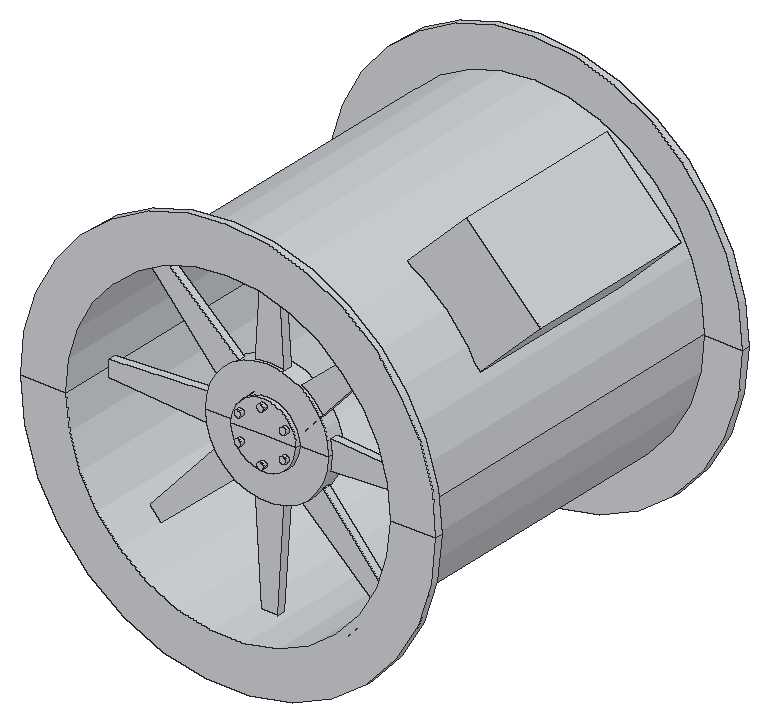
Revit family "CADS_Vent-Axia_MechEquip_Fan_LCA_250_1Ph2P - EXTRACT", category Mechanical Equipment, Revit 2020
Family settings
  Round Connector Dimension = Use Diameter
  Part Type = Normal
  OmniClass Number = 23.75.00.00
  OmniClass Title = Climate Control (HVAC)
  Work Plane-Based = No
  Always vertical = Yes
  Cut with Voids When Loaded = No
  Shared = No
  Room Calculation Point = No
Parameters (values of type "LCA251230")
  nr = NominalDiameter / 2  # 125 mm
  WorkingPressure = 0.0 Pa
  WarrantyStartDate [instance] = "1900-12-31T23:59:59"
  WarrantyPeriod = ""
  WarrantyIdentifier = "N/A"
  WarrantyGuarantorParts = "tech@vent-axia.com"
  WarrantyGuarantorLabor = "tech@vent-axia.com"
  WarrantyGuarantor = "Vent-Axia Limited"
  WarrantyEndDate [instance] = "1900-12-31T23:59:59"
  WarrantyContent = ""
  TemperatureRange = ""
  TagNumber [instance] = "N/A"
  SustainabilityPerformance = ""
  Status = "New"
  Size = ""
  Shape = ""
  ServiceLifeType = ""
  ServiceLifeDuration = ""
  SerialNumber [instance] = "N/A"
  ReplacementCost = ""
  RatedVoltage = 0 V
  RatedCurrent = 0 A
  Quantity = 1
  ProductionYear = ""
  PressureCurve = ""
  PowerFactor = ""
  PointOfContact = ""
  NumberOfPoles = 0
  NominalWidth = 250 mm
  NominalLength = 300 mm
  NominalHeight = 250 mm
  NominalFrequencyRange = ""
  NominalDiameter = 250 mm
  ModelReference = "LCAX 250mm 1PH 2P 30DEG"
  ModelNumber = "LCA251230"
  Material = ""
  ManufacturerE-Mail = "tech@vent-axia.com"
  ManufacturerAddress = "Fleming Way\nCrawley \nRH10 9YX"
  IsExtendedWarranty = no
  InsulationStandardClass = ""
  InstallationDate [instance] = "1900-12-31T23:59:59"
  IfcExportType [instance] = ""
  IfcExportAs = "IfcFanType"
  IP_Code = ""
  HasProtectiveEarth = no
  GrossWeight = 0.00 kg
  Grade = ""
  GlobalTradeItemNumber [instance] = "N/A"
  Fitting Type = "Ignore"
  Finish = ""
  Features = ""
  ExteriorInsulation = no
  ExpectedServiceLife = 0
  Exclusions = ""
  DurationUnit = "Year"
  Default Elevation = 0 mm
  Constituents = ""
  ConductorFunction = ""
  Color = ""
  CodePerformance = ""
  Category = ""
  CADS_Usage = 0
  CADS_Index = 0
  AssetType = "FIXED"
  AssetIdentifier [instance] = "N/A"
  AssemblyPlace = "UNKNOWN"
  ArticleNumber [instance] = "N/A"
  AirflowRateRange = 0.0 L/s
  Air Flow [instance] = 0.0 L/s
  AccessibilityPerformance = ""
Types (3, lengths in mm): name | ModelReference | ModelNumber
  LCA251230 | "LCAX 250mm 1PH 2P 30DEG" | "LCA251230"
  LCA251235 | "LCAX 250mm 1PH 2P 35DEG" | "LCA251235"
  LCA251240 | "LCAX 250mm 1PH 2P 40DEG" | "LCA251240"
Reference planes
  plane 1 "Center (Front/Back)": y = 0
  plane 2: z = 0
  plane 3 "Center (Left/Right)": x = 0
  plane 4: x = -125
  plane 5: x = 125
  plane 6 "F": y = -150
  plane 7 "B": y = 150
  plane 8: x = -160
  plane 9: y = 145
  plane 10: y = -145
  plane 11: x = -130
  plane 12: y = -110
  plane 13 "top": z = 125
  plane 14: z = -125
  plane 15 "45deg": through (0, -1524, 0) normal (-0.7071, 0, -0.7071)
  plane 16 "C": through (0, -1524, 0) normal (-0.7071, 0, 0.7071)
Forms (mm)
  Revolve 1, solid
    sketch origin (0, 0, 0) x (1, 0, 0) y (0, 1, 0)
      loop
        line (-160, -150) -> (-125, -150) -> (-125, 150) -> (-160, 150) -> (-160, 145) -> (-130, 145) -> (-130, -145) -> (-160, -145) -> (-160, -150)
      axis (0, 150) -> (0, -150)
    angle from 0 to 360
  Sweep 2, solid
    path origin (0, 0, 0) x (1, 0, 0) y (0, 0, 1)
      loop
        line (88.388, 88.388) -> (134.35, 134.35)
    profile origin (111.369, 0, 111.369) x (-0.707107, 0, 0.707107) y (0, -1, 0)
      loop
        line (37.5, 55) -> (-42.73, 55) -> (-42.73, -79.5) -> (37.5, -79.5) -> (37.5, 55)
Dimensions and locks
  equal spacing: plane 4, plane 3 "Center (Left/Right)", plane 5
  equal spacing: plane 7 "B", plane 1 "Center (Front/Back)", plane 6 "F"
  "NominalLength": plane 7 "B" to plane 6 "F"
  "NominalDiameter": plane 4 to plane 5
  locked: plane 11 to plane 4 at 5
  locked: plane 8 to plane 11 at 30
  locked: plane 6 "F" to plane 10 at 5
  locked: plane 7 "B" to plane 9 at 5
  locked: plane 6 "F" to plane 12 at 40
  equal spacing: plane 13 "top", level, plane 14
  "NominalDiameter": plane 13 "top" to plane 14
  "nr": Sweep 2 sketch curve to nested 13
  Sweep 2 sketch curve to Sweep 2 sketch curve = 65 mm
  aligned and locked: level to plane 2
  aligned and locked: nested 1 to plane 12
Automatic sketch dimensions
  plane 6 "F" to Revolve 1 sketch curve = 0 mm
  Revolve 1 sketch curve to plane 8 = 0 mm  (x2)
  plane 10 to Revolve 1 sketch curve = 0 mm
  Revolve 1 sketch curve to plane 11 = 0 mm
  Revolve 1 sketch curve to plane 4 = 0 mm
  Revolve 1 sketch curve to plane 3 "Center (Left/Right)" = 0 mm
  plane 1 "Center (Front/Back)" to Revolve 1 sketch curve = 0 mm
  Revolve 1 sketch curve to plane 9 = 0 mm
  Revolve 1 sketch curve to plane 7 "B" = 0 mm
  plane 6 "F" to Revolve 1 sketch curve = 115 mm
  plane 1 "Center (Front/Back)" to Sweep 2 sketch curve = 55 mm
  Sweep 2 sketch curve to profile plane = 37.5 mm
  Sweep 2 sketch curve to Sweep 2 sketch curve = 80.23 mm
  Sweep 2 sketch curve to Sweep 2 sketch curve = 134.5 mm
  Sweep 2 sketch curve to plane 16 "C" = 0 mm  (x2)
Nested families
  nested 1: "Fan for ESC" at (0, -110, 0), ND <- "NominalDiameter", type "Fan for ESC"
    with hub 25 mm, ND 250 mm, BoltPCD 20 mm, Bolt Count 6, B_Diam 5 mm
  nested 2: "Bolts" at (17.321, -119.172, -10) x (-0.5, 0, -0.866) z (0, 1, 0), type "Bolts"
    with bd 5 mm
  nested 3: "Bolts" at (0, -119.172, -20) x (-1, 0, 0) z (0, 1, 0), type "Bolts"
    with bd 5 mm
  nested 4: "Bolts" at (-17.321, -119.172, -10) x (-0.5, 0, 0.866) z (0, 1, 0), type "Bolts"
    with bd 5 mm
  nested 5: "Bolts" at (-17.321, -119.172, 10) x (0.5, 0, 0.866) z (0, 1, 0), type "Bolts"
    with bd 5 mm
  nested 6: "Bolts" at (17.321, -119.172, 10) x (0.5, 0, -0.866) z (0, 1, 0), type "Bolts"
    with bd 5 mm
  nested 7: "Bolts" at (0, -119.172, 20) x (1, 0, 0) z (0, 1, 0), type "Bolts"
    with bd 5 mm
  nested 8: "ESC Blade" at (0, -110, 0), type "ESC Blade"
    with a 20.00°, HR 25 mm, HD 50 mm, BT 12.5 mm, BR 100 mm, BH 40 mm, BD 250 mm, BB 25 mm
  nested 9: "ESC Blade" at (0, -110, 0) x (0.7071, 0, -0.7071) z (0.7071, 0, 0.7071), type "ESC Blade"
    with a 20.00°, HR 25 mm, HD 50 mm, BT 12.5 mm, BR 100 mm, BH 40 mm, BD 250 mm, BB 25 mm
  nested 10: "ESC Blade" at (0, -110, 0) x (0, 0, -1) z (1, 0, 0), type "ESC Blade"
    with a 20.00°, HR 25 mm, HD 50 mm, BT 12.5 mm, BR 100 mm, BH 40 mm, BD 250 mm, BB 25 mm
  nested 11: "ESC Blade" at (0, -110, 0) x (-0.7071, 0, -0.7071) z (0.7071, 0, -0.7071), type "ESC Blade"
    with a 20.00°, HR 25 mm, HD 50 mm, BT 12.5 mm, BR 100 mm, BH 40 mm, BD 250 mm, BB 25 mm
  nested 12: "ESC Blade" at (0, -110, 0) x (-1, 0, 0) z (0, 0, -1), type "ESC Blade"
    with a 20.00°, HR 25 mm, HD 50 mm, BT 12.5 mm, BR 100 mm, BH 40 mm, BD 250 mm, BB 25 mm
  nested 13: "ESC Blade" at (0, -110, 0) x (-0.7071, 0, -0.7071) z (-0.7071, 0, 0.7071), type "ESC Blade"
    with a 20.00°, HR 25 mm, HD 50 mm, BT 12.5 mm, BR 100 mm, BH 40 mm, BD 250 mm, BB 25 mm
  nested 14: "ESC Blade" at (0, -110, 0) x (0, 0, -1) z (-1, 0, 0), type "ESC Blade"
    with a 20.00°, HR 25 mm, HD 50 mm, BT 12.5 mm, BR 100 mm, BH 40 mm, BD 250 mm, BB 25 mm
  nested 15: "ESC Blade" at (0, -110, 0) x (0.7071, 0, -0.7071) z (-0.7071, 0, -0.7071), type "ESC Blade"
    with a 20.00°, HR 25 mm, HD 50 mm, BT 12.5 mm, BR 100 mm, BH 40 mm, BD 250 mm, BB 25 mm
Connectors
  hvac at (0, -150, 0), driven by "NominalDiameter", driven by "Air Flow"
    settings: on Revolve 1, index 1, duct flow 0.0 L/s, flow factor 0, pres drop 0.0 Pa, loss coef 0, conn angle 0.00°, conn width 304.8 mm, conn height 304.8 mm, conn diameter 250 mm, duct sys type 2, conn prof type 0, flow config 0, flow direction 1, loss method 0, conn ref index -1, conn util no, is conn primary yes, conn desc ""
  hvac at (0, 150, 0), driven by "NominalDiameter", driven by "Air Flow"
    settings: on Revolve 1, index 2, duct flow 0.0 L/s, flow factor 0, pres drop 0.0 Pa, loss coef 0, conn angle 0.00°, conn width 304.8 mm, conn height 304.8 mm, conn diameter 250 mm, duct sys type 3, conn prof type 0, flow config 1, flow direction 2, loss method 0, conn ref index -1, conn util no, is conn primary no, conn desc ""
Definition of nested family "Fan for ESC"
  Parameters (values of type "Fan for ESC")
    hub [instance] = ND / 10  # 56.7 mm
    ND [instance] = 567 mm
    Model = "."
    Default Elevation = 0 mm
    BoltPCD [instance] = hub - (hub * 0.2)  # 45.36 mm
    Bolt Count [instance] = if(hub < 50 mm, 6, 8)  # 8
    B_Diam [instance] = if(hub < 50 mm, 5 mm, 10 mm)  # 10 mm
  Reference planes
    plane 1 "Center (Front/Back)": y = 0
    plane 2: z = 0
    plane 3 "Center (Left/Right)": x = 0
    plane 4 "back": y = 20
    plane 5 "bolts": y = -9.172
    plane 6 "B": z = 56.7
    plane 7: x = -79.287
    plane 8: x = -56.7
    plane 9 "hubface": y = -6.172
  Forms (mm)
    Revolve 1, solid
      sketch origin (0, 0, 0) x (1, 0, 0) y (0, 1, 0)
        loop
          line (0, 20) -> (-56.7, 20) -> (-56.7, 10.504) -> (-79.287, 10.504) -> (-79.287, -2.597) -> (-56.7, -2.597) -> (-56.7, -6.172) -> (0, -6.172) -> (0, 20)
        axis (0, 20) -> (0, -6.172)
      angle from 0 to 360
    Extrusion 2, solid, not visible
      sketch origin (0, -6.347, -4) x (-1, 0, 0) y (0, 0, 1)
        loop
          circle (0, 84) r 5
      from 0 to 3
  Lines and regions (mm)
    symbolic lines
      curve 1: circle (0, -9.172, 0) r 45.36 normal (0, 1, 0)
    model lines, not visible
      curve 2: line (0, -6.347, 85) -> (0, -6.347, 75)
  Dimensions and locks
    "hub": plane 6 "B" to plane 2
    "hub": nested 3 to plane 3 "Center (Left/Right)"
    "hub": nested 4 to plane 3 "Center (Left/Right)"
    "hub": nested 5 to plane 3 "Center (Left/Right)"
    "hub": plane 3 "Center (Left/Right)" to nested 6
    "hub": Revolve 1 sketch curve to Revolve 1 sketch curve
    "hub": plane 3 "Center (Left/Right)" to nested 7
    "hub": plane 3 "Center (Left/Right)" to nested 8
    "hub": plane 3 "Center (Left/Right)" to nested 9
    "hub": plane 8 to plane 3 "Center (Left/Right)"
    plane 7 to plane 8 = 22.587 mm
    diameter of Extrusion 2 sketch curve = 10 mm
    "BoltPCD": radius of curve 1
    "BoltPCD": radius of radial array
    aligned and locked: level to plane 2
    aligned and locked: plane 6 "B" to nested 1
  Automatic sketch dimensions
    Revolve 1 sketch curve to plane 7 = 0 mm
    Revolve 1 sketch curve to plane 8 = 0 mm  (x2)
    Revolve 1 sketch curve to plane 3 "Center (Left/Right)" = 0 mm
    Revolve 1 sketch curve to plane 9 "hubface" = 0 mm
    plane 4 "back" to Revolve 1 sketch curve = 0 mm
    plane 1 "Center (Front/Back)" to Revolve 1 sketch curve = 2.597 mm
    plane 4 "back" to Revolve 1 sketch curve = 9.496 mm
    Revolve 1 sketch curve to Revolve 1 sketch curve = 5 mm
    Revolve 1 sketch curve to plane 4 "back" = 45 mm
    curve 1 to level = 0 mm
    curve 1 to plane 3 "Center (Left/Right)" = 0 mm
  Nested families
    nested 1: "ESC Blade" at (0, 0, 0), BD <- "ND", HD <- "hub", type "ESC Blade"
      with a 20.00°, HR 56.7 mm, HD 113.4 mm, BT 28.35 mm, BR 226.8 mm, BH 40 mm, BD 567 mm, BB 56.7 mm
    nested 2: "ESC Blade" at (0, 0, 755), BD <- "ND", HD <- "hub", type "ESC Blade", not visible
      with a 20.00°, HR 56.7 mm, HD 113.4 mm, BT 28.35 mm, BR 226.8 mm, BH 40 mm, BD 567 mm, BB 56.7 mm
    nested 3: "ESC Blade" at (0, 0, 0) x (0.7071, 0, -0.7071) z (0.7071, 0, 0.7071), BD <- "ND", HD <- "hub", type "ESC Blade"
      with a 20.00°, HR 56.7 mm, HD 113.4 mm, BT 28.35 mm, BR 226.8 mm, BH 40 mm, BD 567 mm, BB 56.7 mm
    nested 4: "ESC Blade" at (0, 0, 0) x (0, 0, -1) z (1, 0, 0), BD <- "ND", HD <- "hub", type "ESC Blade"
      with a 20.00°, HR 56.7 mm, HD 113.4 mm, BT 28.35 mm, BR 226.8 mm, BH 40 mm, BD 567 mm, BB 56.7 mm
    nested 5: "ESC Blade" at (0, 0, 0) x (-0.7071, 0, -0.7071) z (0.7071, 0, -0.7071), BD <- "ND", HD <- "hub", type "ESC Blade"
      with a 20.00°, HR 56.7 mm, HD 113.4 mm, BT 28.35 mm, BR 226.8 mm, BH 40 mm, BD 567 mm, BB 56.7 mm
    nested 6: "ESC Blade" at (0, 0, 0) x (-1, 0, 0) z (0, 0, -1), BD <- "ND", HD <- "hub", type "ESC Blade"
      with a 20.00°, HR 56.7 mm, HD 113.4 mm, BT 28.35 mm, BR 226.8 mm, BH 40 mm, BD 567 mm, BB 56.7 mm
    nested 7: "ESC Blade" at (0, 0, 0) x (-0.7071, 0, -0.7071) z (-0.7071, 0, 0.7071), BD <- "ND", HD <- "hub", type "ESC Blade"
      with a 20.00°, HR 56.7 mm, HD 113.4 mm, BT 28.35 mm, BR 226.8 mm, BH 40 mm, BD 567 mm, BB 56.7 mm
    nested 8: "ESC Blade" at (0, 0, 0) x (0, 0, -1) z (-1, 0, 0), BD <- "ND", HD <- "hub", type "ESC Blade"
      with a 20.00°, HR 56.7 mm, HD 113.4 mm, BT 28.35 mm, BR 226.8 mm, BH 40 mm, BD 567 mm, BB 56.7 mm
    nested 9: "ESC Blade" at (0, 0, 0) x (0.7071, 0, -0.7071) z (-0.7071, 0, -0.7071), BD <- "ND", HD <- "hub", type "ESC Blade"
      with a 20.00°, HR 56.7 mm, HD 113.4 mm, BT 28.35 mm, BR 226.8 mm, BH 40 mm, BD 567 mm, BB 56.7 mm
    nested 10: "Bolts" at (0, -9.172, 45.36) x (1, 0, 0) z (0, 1, 0), bd <- "B_Diam", type "Bolts"
      with bd 10 mm
    nested 11: "Bolts" at (32.074, -9.172, 32.074) x (0.7071, 0, -0.7071) z (0, 1, 0), bd <- "B_Diam", type "Bolts"
      with bd 10 mm
    nested 12: "Bolts" at (-32.074, -9.172, 32.074) x (0.7071, 0, 0.7071) z (0, 1, 0), bd <- "B_Diam", type "Bolts"
      with bd 10 mm
    nested 13: "Bolts" at (-45.36, -9.172, 0) x (0, 0, 1) z (0, 1, 0), bd <- "B_Diam", type "Bolts"
      with bd 10 mm
    nested 14: "Bolts" at (-32.074, -9.172, -32.074) x (-0.7071, 0, 0.7071) z (0, 1, 0), bd <- "B_Diam", type "Bolts"
      with bd 10 mm
    nested 15: "Bolts" at (0, -9.172, -45.36) x (-1, 0, 0) z (0, 1, 0), bd <- "B_Diam", type "Bolts"
      with bd 10 mm
    nested 16: "Bolts" at (32.074, -9.172, -32.074) x (-0.7071, 0, -0.7071) z (0, 1, 0), bd <- "B_Diam", type "Bolts"
      with bd 10 mm
    nested 17: "Bolts" at (45.36, -9.172, 0) x (0, 0, -1) z (0, 1, 0), bd <- "B_Diam", type "Bolts"
      with bd 10 mm
  Definition of nested family "ESC Blade"
    Parameters (values of type "ESC Blade")
      a [instance] = 20.00°
      HR [instance] = HD / 2  # 30 mm
      HD [instance] = BD / 5  # 60 mm
      Default Elevation = 1219.2 mm
      BT [instance] = BD / 20  # 15 mm
      BR [instance] = (BD / 2) - HR  # 120 mm
      BH [instance] = 40 mm
      BD [instance] = 300 mm
      BB [instance] = BD / 10  # 30 mm
    Reference planes
      plane 1 "Center (Front/Back)": y = 0
      plane 2: z = 0
      plane 3 "Center (Left/Right)": x = 0
      plane 4 "Blade Bot": z = 30
      plane 5: x = -15
      plane 6: x = 15
      plane 7: x = -7.5
      plane 8: x = 7.5
    Forms (mm)
      Blend 1, solid
        base sketch origin (0, 0, 30) x (-1, 0, 0) y (0, -1, 0)
          loop
            line (15, 0) -> (-15, 0) -> (-15, -6) -> (15, -6) -> (15, 0)
        top sketch origin (0, 0, 30) x (-1, 0, 0) y (0, -1, 0)
          loop
            line (7.5, -6) -> (7.5, 0) -> (-7.5, 0) -> (-7.5, -6) -> (7.5, -6)
        from 0 to 120 <- "BR"
    Dimensions and locks
      "HR": plane 4 "Blade Bot" to level
      equal spacing: plane 8, plane 3 "Center (Left/Right)", plane 7
      "BT": plane 8 to plane 7
      equal spacing: plane 6, plane 3 "Center (Left/Right)", plane 5
      "BB": plane 6 to plane 5
      aligned and locked: level to plane 2
    Automatic sketch dimensions
      plane 1 "Center (Front/Back)" to Blend 1 sketch curve = 0 mm  (x2)
      Blend 1 sketch curve to plane 6 = 0 mm
      Blend 1 sketch curve to plane 5 = 0 mm
      Blend 1 sketch curve to plane 1 "Center (Front/Back)" = 6 mm  (x2)
      Blend 1 sketch curve to plane 8 = 0 mm
      Blend 1 sketch curve to plane 7 = 0 mm
  Definition of nested family "Bolts"
    Parameters
      bd [instance] = 10 mm
      Default Elevation = 1219.2 mm
    Reference planes
      plane 1 "Center (Front/Back)": y = 0
      plane 2: z = 0
      plane 3 "Center (Left/Right)": x = 0
    Forms (mm)
      Extrusion 1, solid
        sketch origin (0, 0, 0) x (1, 0, 0) y (0, 1, 0)
          loop
            line (-1219.2, 1219.2) -> (-1219.2, -1219.2) -> (1219.2, -1219.2) -> (1219.2, 1219.2) -> (-1219.2, 1219.2)
        from 0 to -304.8
      Extrusion 2, solid
        sketch origin (0, 0, 0) x (1, 0, 0) y (0, 1, 0)
          loop
            circle (0, 0) r 5
        from 0 to 3
    Dimensions and locks
      "bd": diameter of Extrusion 2 sketch curve
      aligned and locked: plane 2 to Extrusion 1
      aligned and locked: level to Extrusion 1
    Automatic sketch dimensions
      Extrusion 1 sketch curve to Extrusion 1 sketch curve = 2438.4 mm  (x2)
      plane 1 "Center (Front/Back)" to Extrusion 2 sketch curve = 0 mm
      Extrusion 2 sketch curve to plane 3 "Center (Left/Right)" = 0 mm
Definition of nested family "Bolts"
  Parameters
    bd [instance] = 10 mm
    Default Elevation = 1219.2 mm
  Reference planes
    plane 1 "Center (Front/Back)": y = 0
    plane 2: z = 0
    plane 3 "Center (Left/Right)": x = 0
  Forms (mm)
    Extrusion 1, solid
      sketch origin (0, 0, 0) x (1, 0, 0) y (0, 1, 0)
        loop
          line (-1219.2, 1219.2) -> (-1219.2, -1219.2) -> (1219.2, -1219.2) -> (1219.2, 1219.2) -> (-1219.2, 1219.2)
      from 0 to -304.8
    Extrusion 2, solid
      sketch origin (0, 0, 0) x (1, 0, 0) y (0, 1, 0)
        loop
          circle (0, 0) r 5
      from 0 to 3
  Dimensions and locks
    "bd": diameter of Extrusion 2 sketch curve
    aligned and locked: plane 2 to Extrusion 1
    aligned and locked: level to Extrusion 1
  Automatic sketch dimensions
    Extrusion 1 sketch curve to Extrusion 1 sketch curve = 2438.4 mm  (x2)
    plane 1 "Center (Front/Back)" to Extrusion 2 sketch curve = 0 mm
    Extrusion 2 sketch curve to plane 3 "Center (Left/Right)" = 0 mm
Definition of nested family "ESC Blade"
  Parameters (values of type "ESC Blade")
    a [instance] = 20.00°
    HR [instance] = HD / 2  # 30 mm
    HD [instance] = BD / 5  # 60 mm
    Default Elevation = 1219.2 mm
    BT [instance] = BD / 20  # 15 mm
    BR [instance] = (BD / 2) - HR  # 120 mm
    BH [instance] = 40 mm
    BD [instance] = 300 mm
    BB [instance] = BD / 10  # 30 mm
  Reference planes
    plane 1 "Center (Front/Back)": y = 0
    plane 2: z = 0
    plane 3 "Center (Left/Right)": x = 0
    plane 4 "Blade Bot": z = 30
    plane 5: x = -15
    plane 6: x = 15
    plane 7: x = -7.5
    plane 8: x = 7.5
  Forms (mm)
    Blend 1, solid
      base sketch origin (0, 0, 30) x (-1, 0, 0) y (0, -1, 0)
        loop
          line (15, 0) -> (-15, 0) -> (-15, -6) -> (15, -6) -> (15, 0)
      top sketch origin (0, 0, 30) x (-1, 0, 0) y (0, -1, 0)
        loop
          line (7.5, -6) -> (7.5, 0) -> (-7.5, 0) -> (-7.5, -6) -> (7.5, -6)
      from 0 to 120 <- "BR"
  Dimensions and locks
    "HR": plane 4 "Blade Bot" to level
    equal spacing: plane 8, plane 3 "Center (Left/Right)", plane 7
    "BT": plane 8 to plane 7
    equal spacing: plane 6, plane 3 "Center (Left/Right)", plane 5
    "BB": plane 6 to plane 5
    aligned and locked: level to plane 2
  Automatic sketch dimensions
    plane 1 "Center (Front/Back)" to Blend 1 sketch curve = 0 mm  (x2)
    Blend 1 sketch curve to plane 6 = 0 mm
    Blend 1 sketch curve to plane 5 = 0 mm
    Blend 1 sketch curve to plane 1 "Center (Front/Back)" = 6 mm  (x2)
    Blend 1 sketch curve to plane 8 = 0 mm
    Blend 1 sketch curve to plane 7 = 0 mm
